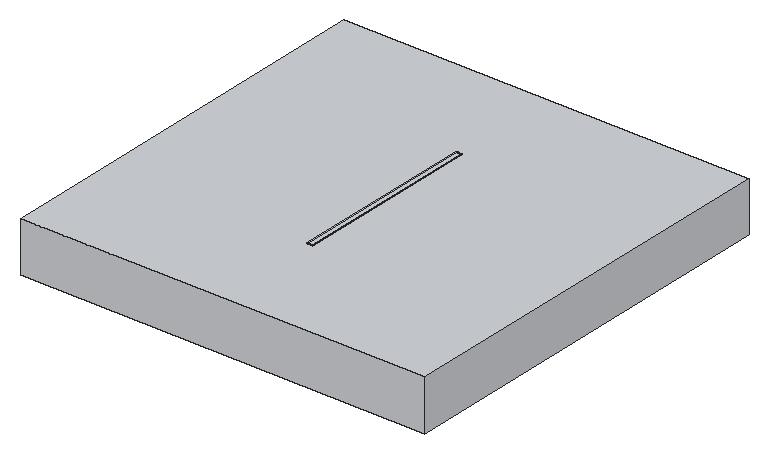
Revit family "LAMP_FIL 35 1120MM OPAL TRIMLESS", category Luminarias, Revit 2018
Family settings
  Anfitrión = Cara
  Cota de conector redondo = Diámetro de uso
  Tipo de pieza = Normal
  Corte con vacíos al cargar = No
  Origen de luz = Sí
  Compartido = No
  Punto de cálculo de habitación = No
Parameters (values of type "1155LM 3000K  WHITE")
  Ángulo de inclinación = -90.00°
  Weight = 3.00 kg
  Wattage = 12.1 W
  Type = "MID POWER TRIDONIC"
  built-in parameter 1150107 = 3000 (stored number, unit not read)
  Recessed dimensions = "1127x52x0"
  built-in parameter 1150110 = 1 (stored number, unit not read)
  built-in parameter 1150109 = 1 (stored number, unit not read)
  built-in parameter 1150112 = 1 (stored number, unit not read)
  built-in parameter 1150113 = 1 (stored number, unit not read)
  built-in parameter 1114218 = 1 (stored number, unit not read)
  Protection rating = "IP20 / IK07"
  Product datasheet = "http://www.lamp.es/product-files/TECH/F31TR112LOOP830NW-EN.pdf"
  Product code = "F31TR112LOOP830NW"
  Product URL = "https://www.lamp.es/en/family/fil-35_413911"
  Power Supply = "220-240V 50/60Hz"
  Power = 11 W
  Plum = 12.1 W
  Photobiological risk = ""
  NOT COVER 2 [instance] = not(END COVER 2)  # no
  NOT COVER 1 [instance] = not(END COVER 1)  # no
  built-in parameter 1150137 = (empty or 0)
  built-in parameter 1150132 = 2
  Modelo = Product code  # "F31TR112LOOP830NW"
  Model Explanation = ""
  Material suspension = LAMP_Acero genérico
  Material perfil = LAMP_Aluminio Perfil Fil BL
  Material difusor = LAMP_PC Difusor Opal Fil
  Manufacturer name = "LAMP"
  Manufacturer country = "Spain"
  Manufacturer URL = "http://www.lamp.es/en"
  MacAdam = "3"
  Longitud de línea de emisión = 1120 mm
  Last update = "06/05/2021"
  Lamp = "MID-POWER LED"
  LED Lifetime = "50.000 L90 B10"
  built-in parameter 1150105 = 456.62 (stored number, unit not read)
  built-in parameter 1150102 = (empty or 0)
  Insulation class = "I"
  Installation instructions = "https://www.lamp.es/product-files/INS/1004590-A%20INSTR.%20FIL35.pdf"
  built-in parameter 1150106 = 4.5662 (stored number, unit not read)
  IEE = "A+"
  Gear = "Electronic"
  Lumens = 1155.55 lm
  Finish = "Matte white RAL 9010"
  Color Filter = 16777215
  built-in parameter 1114217 = 1 (stored number, unit not read)
  built-in parameter 1150139 = (empty or 0)
  Fabricante = Manufacturer name  # "LAMP"
  Default Elevation = 1219.2 mm
  built-in parameter 1150104 = 8.8722 (stored number, unit not read)
  Efficacy = 95.5 lm/W
  END COVER 2 [instance] = yes
  END COVER 1 [instance] = yes
  Dimensions = "1120x51x76"
  Descripción = "FIL35 TRIM 1120 1600 WW OPAL WH."
  built-in parameter 1150115 = 1 (stored number, unit not read)
  built-in parameter 1150114 = 1 (stored number, unit not read)
  built-in parameter 1150138 = (empty or 0)
  built-in parameter 1150134 = 3
  Dimming Lamp Color Temperature Shift = (empty or 0)
  CRI = "80"
  Archivo de red fotométrica = "F31TR112LOOP830NW.IES"
  built-in parameter 1150133 = 10 (stored number, unit not read)
Types (4, lengths in mm): name | Wattage | built-in parameter 1150107 | Product datasheet | Product code | Modelo | built-in parameter 1150105 | built-in parameter 1150106 | Lumens | built-in parameter 1150104 | Efficacy | Descripción | Archivo de red fotométrica
  1155LM 3000K DALI WHITE | 12.1 W | 3000 (stored number, unit not read) | "http://www.lamp.es/product-files/TECH/F31TR112LOOP830DW-EN.pdf" | "F31TR112LOOP830DW" | "F31TR112LOOP830DW" | 456.62 (stored number, unit not read) | 4.5662 (stored number, unit not read) | 1155.55 lm | 8.8722 (stored number, unit not read) | 95.5 lm/W | "FIL35 TRIM 1120 1600 WW OPAL DALI WH." | "F31TR112LOOP830nW.IES"
  1155LM 3000K  WHITE | 12.1 W | 3000 (stored number, unit not read) | "http://www.lamp.es/product-files/TECH/F31TR112LOOP830NW-EN.pdf" | "F31TR112LOOP830NW" | "F31TR112LOOP830NW" | 456.62 (stored number, unit not read) | 4.5662 (stored number, unit not read) | 1155.55 lm | 8.8722 (stored number, unit not read) | 95.5 lm/W | "FIL35 TRIM 1120 1600 WW OPAL WH." | "F31TR112LOOP830NW.IES"
  1216LM 4000K DALI WHITE | 8.8 W | 4000 (stored number, unit not read) | "http://www.lamp.es/product-files/TECH/F31TR112LOOP840DW-EN.pdf" | "F31TR112LOOP840DW" | "F31TR112LOOP840DW" | 349.47 (stored number, unit not read) | 3.4947 (stored number, unit not read) | 884.4 lm | 9.3368 (stored number, unit not read) | 100.5 lm/W | "FIL35 TRIM 1120 1600 NW OPAL DALI WH." | "F31TR112LOOP840nW.IES"
  1216LM 4000K  WHITE | 12.1 W | 4000 (stored number, unit not read) | "http://www.lamp.es/product-files/TECH/F31TR112LOOP840NW-EN.pdf" | "F31TR112LOOP840NW" | "F31TR112LOOP840NW" | 480.53 (stored number, unit not read) | 4.8053 (stored number, unit not read) | 1216.05 lm | 9.3368 (stored number, unit not read) | 100.5 lm/W | "FIL35 TRIM 1120 1600 NW OPAL WH." | "F31TR112LOOP840NW.IES"
Reference planes
  plane 1 "Centro (Frontal/Posterior)": y = 0
  plane 2: z = 0
  plane 3 "Centro (Izquierda/Derecha)": x = 0
Forms (mm)
  Extrusion 1, solid
    sketch origin (0, 0, 0) x (1, 0, 0) y (0, 1, 0)
      loop
        line (-1219.2, 1219.2) -> (-1219.2, -1219.2) -> (1219.2, -1219.2) -> (1219.2, 1219.2) -> (-1219.2, 1219.2)
    from 0 to -304.8
  Extrusion 2, solid, material "LAMP_Aluminio Perfil Fil BL" <- "Material perfil"
    sketch origin (0, 0, -281.8) x (1, 0, 0) y (0, 0, 1)
      loop
        line (-17.5, 205.82) -> (0, 205.82) -> (17.5, 205.82) -> (17.5, 270.3) -> (25.5, 270.3) -> (25.5, 271.8) -> (17.5, 271.8) -> (17.5, 280.8) -> (16.5, 281.8) -> (16.5, 259) -> (0, 259) -> (-16.5, 259) -> (-16.5, 281.8) -> (-17.5, 280.8) -> (-17.5, 271.8) -> (-25.5, 271.8) -> (-25.5, 270.3) -> (-17.5, 270.3) -> (-17.5, 205.82)
    from -560 to 560
  Extrusion 3, solid, material "LAMP_PC Difusor Opal Fil" <- "Material difusor"
    sketch origin (0, 0, -283) x (1, 0, 0) y (0, 0, 1)
      loop
        line (-16.5, 283) -> (-16.5, 281.8) -> (16.5, 281.8) -> (16.5, 283) -> (-16.5, 283)
    from -560 to 560
Text (mm)
  text "Any modification of the parameters and properties of the LAMP BIM models must be executed and validated by the LAMP technical department.\nPhone: +34 93 736 68 00\nE-mail: lamp@lamp.es\n\nLAMP reserves the right to modify the technical specifications of its products." at (3249.303, 5266.069, -2786.139), in view "Preview"
Dimensions and locks
  aligned and locked: plane 2 to Extrusion 1
  aligned and locked: level to Extrusion 1
Nested families
  nested 1: "LAMP_FIL 35 END COVER TRIMLESS" at (0, -561, -76), visible <- "END COVER 1", type "Blanco"
  nested 2: "LAMP_FIL 35 END COVER TRIMLESS" at (0, 561, -76), visible <- "END COVER 2", type "Blanco"
Connectors
  electrical at (0, 0, -75.3)
    settings: on Extrusion 2, index 1, voltage 230 V, apparent load 0 VA, apparent load phase1 0 VA, apparent load phase2 0 VA, apparent load phase3 0 VA, power factor 1, load classification "Otro", number of poles 1, system type 31, power factor state 1, is connector primary yes, connector utility no, sub classification motor no, connector description ""
Definition of nested family "LAMP_FIL 35 END COVER TRIMLESS"
  Parameters (values of type "Blanco")
    Material tapa = none
  Reference planes
    plane 1 "Centro (Frontal/Posterior)": y = 0
    plane 2: z = 0
    plane 3 "Centro (Izquierda/Derecha)": x = 0
  Forms (mm)
    Extrusion 1, solid, material <- "Material tapa"
      sketch origin (0, 0, 0) x (0, -1, 0) y (0, 0, 1)
        loop
          line (0, 0) -> (1, 0) -> (1, 76) -> (-1, 76) -> (-1, 0) -> (0, 0)
      from -17.5 to 17.5
    Extrusion 2, void
      sketch origin (-1, 0, 65.55) x (1, 0, 0) y (0, 0, 1)
        loop
          line (18.5, 0) -> (18.5, 10.45) -> (17.5, 10.45) -> (17.5, 0) -> (18.5, 0)
      from -23.5 to 23.5
    Extrusion 3, void
      sketch origin (1, 0, 65.55) x (-1, 0, 0) y (0, 0, -1)
        loop
          line (18.5, 0) -> (17.5, 0) -> (17.5, -10.45) -> (18.5, -10.45) -> (18.5, 0)
      from -23.5 to 23.5
  Cuts and joins
    Extrusion 2, Extrusion 3 cuts Extrusion 1
  Dimensions and locks
    aligned and locked: level to plane 2
